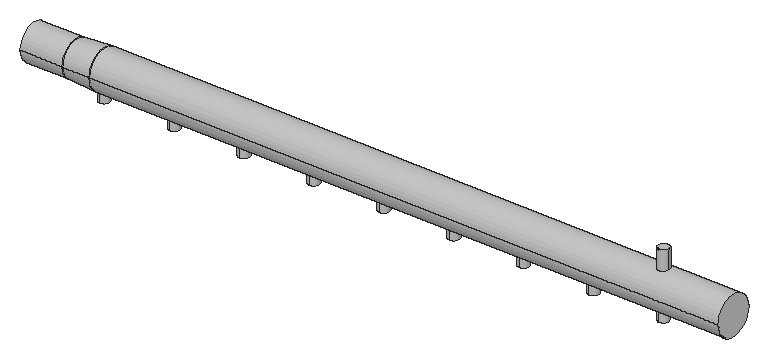
Revit family "BIMLIB_Коллектор_867_9_РОСТерм", category Оборудование, Revit 2017
Family settings
  Размер круглого соединителя = Использовать диаметр
  Тип детали = Нормальный
  На основе рабочей плоскости = Нет
  Всегда вертикально = Да
  При загрузке вырезать с полостями = Нет
  Общий = Нет
  Точка расчета площади = Нет
Parameters (values of type "Коллектор HEIZEN 867 для систем отопления сварной Ду50 на 9 выходов")
  РТ_Шаг = 100 mm
  РТ_l = 100 mm  # constant formula
  РТ_R1 = 27 mm
  РТ_R_низ = РТ_DN_низ / 2  # 7.5 mm
  РТ_DN3 = 15 mm  # constant formula
  Описание = "Коллекторы Heizen изготовлены из высококачественной латуни и нержавеющей стали, что исключает риск протечек. Коллекторы могут быть оснащены различными видами арматуры: ручными балансировочными клапанами,ручными запорными клапанами, термостатическими клапанами, расходомерами, воздухоотводчиками и дренажными кранами."
  РТ_DN_низ = 15 mm  # constant formula
  РТ_DN_бок = 50 mm
  Изготовитель = "РОСТерм"  # constant formula
  URL = "http://rostherm.ru/"
  RT_R2 = РТ_DN_бок / 2  # 25 mm
  BL_Разработано = "support@bimlib.ru"  # constant formula
  BL_Email = "rostherm@bimlib.ru"  # constant formula
  BL_BIM library = "https://bimlib.pro/manufacturer/rosterm/1632/"
  ADSK_Расход жидкости [instance] = 0.0 L/s
  ADSK_Примечание = ""
  ADSK_Позиция = ""
  ADSK_Обозначение = "ГОСТ 12.2.063-2015"  # constant formula
  ADSK_Наименование краткое = "HEIZEN 867 Ду50"
  ADSK_Наименование = "Коллектор HEIZEN 867 для систем отопления сварной Ду50 на 9 выходов"
  ADSK_Материал = BIMLIB_Нержавеющая_сталь_РОСТерм
  ADSK_Масса_Текст = ""
  ADSK_Масса = 0
  ADSK_Марка = "HEIZEN 867"  # constant formula
  ADSK_Код изделия = "867-50-10-09"
  ADSK_Завод-изготовитель = "Heizen"  # constant formula
  ADSK_Единица измерения = "шт."  # constant formula
  ADSK_Версия Revit = "2017"  # constant formula
  ADSK_URL страницы изделия = "http://rostherm.ru/kollektory/"
  ADSK_URL документации изделия = "http://rostherm.ru/"
Types (3, lengths in mm): name | РТ_R1 | РТ_DN_бок | RT_R2 | ADSK_Наименование краткое | ADSK_Наименование | ADSK_Код изделия
  Коллектор HEIZEN 867 для систем отопления сварной Ду50 на 9 выходов | 27 | 50 | 25 | "HEIZEN 867 Ду50" | "Коллектор HEIZEN 867 для систем отопления сварной Ду50 на 9 выходов" | "867-50-10-09"
  Коллектор HEIZEN 867 для систем отопления сварной Ду40 на 9 выходов | 22 | 40 | 20 | "HEIZEN 867 Ду40" | "Коллектор HEIZEN 867 для систем отопления сварной Ду40 на 9 выходов" | "867-40-10-09"
  Коллектор HEIZEN 867 для систем отопления сварной Ду32 на 9 выходов | 18 | 32 | 16 | "HEIZEN 867 Ду32" | "Коллектор HEIZEN 867 для систем отопления сварной Ду32 на 9 выходов" | "867-32-10-09"
Reference planes
  plane 1 "По центру (Вперед/Назад)": y = 0
  plane 2: z = 0
  plane 3 "По центру (Влево/Вправо)": x = 0
  plane 4: x = 100
  plane 5: x = 60
Forms (mm)
  Extrusion 1, solid, material "BIMLIB_Нержавеющая_сталь_РОСТерм" <- "ADSK_Материал", detail levels medium+fine
    sketch origin (65, 0, 0) x (0, 1, 0) y (0, 0, 1)
      loop
        circle (0, 0) r 27
    from 35 to 935
  Sweep 2, solid, material "BIMLIB_Нержавеющая_сталь_РОСТерм" <- "ADSK_Материал", detail levels medium+fine
    path origin (65, 0, 7.5) x (1, 0, 0) y (0, 0, 1)
      loop
        line (35, -7.5) -> (35, -47.5)
    profile origin (100, 0, -20) x (0, -1, 0) y (1, 0, 0)
      loop
        circle (0, 0) r 7.5
  Blend 3, solid, material "BIMLIB_Нержавеющая_сталь_РОСТерм" <- "ADSK_Материал", detail levels medium+fine
    base sketch origin (50, 0, 0) x (0, 1, 0) y (0, 0, 1)
      loop
        circle (0, 0) r 27
    top sketch origin (50, 0, 0) x (0, 1, 0) y (0, 0, 1)
      loop
        circle (0, 0) r 25
    from 50 to 10
  Extrusion 4, solid, material "BIMLIB_Нержавеющая_сталь_РОСТерм" <- "ADSK_Материал", detail levels medium+fine
    sketch origin (50, 0, 0) x (0, 1, 0) y (0, 0, 1)
      loop
        circle (0, 0) r 25
    from -50 to 10
  Sweep 5, solid, material "BIMLIB_Нержавеющая_сталь_РОСТерм" <- "ADSK_Материал", detail levels medium+fine
    path origin (165, 0, 7.5) x (1, 0, 0) y (0, 0, 1)
      loop
        line (35, -7.5) -> (35, -47.5)
    profile origin (200, 0, -20) x (0, -1, 0) y (1, 0, 0)
      loop
        circle (0, 0) r 7.5
  Sweep 6, solid, material "BIMLIB_Нержавеющая_сталь_РОСТерм" <- "ADSK_Материал", detail levels medium+fine
    path origin (265, 0, 7.5) x (1, 0, 0) y (0, 0, 1)
      loop
        line (35, -7.5) -> (35, -47.5)
    profile origin (300, 0, -20) x (0, -1, 0) y (1, 0, 0)
      loop
        circle (0, 0) r 7.5
  Sweep 7, solid, material "BIMLIB_Нержавеющая_сталь_РОСТерм" <- "ADSK_Материал", detail levels medium+fine
    path origin (365, 0, 7.5) x (1, 0, 0) y (0, 0, 1)
      loop
        line (35, -7.5) -> (35, -47.5)
    profile origin (400, 0, -20) x (0, -1, 0) y (1, 0, 0)
      loop
        circle (0, 0) r 7.5
  Sweep 8, solid, material "BIMLIB_Нержавеющая_сталь_РОСТерм" <- "ADSK_Материал", detail levels medium+fine
    path origin (465, 0, 7.5) x (1, 0, 0) y (0, 0, 1)
      loop
        line (35, -7.5) -> (35, -47.5)
    profile origin (500, 0, -20) x (0, -1, 0) y (1, 0, 0)
      loop
        circle (0, 0) r 7.5
  Sweep 9, solid, material "BIMLIB_Нержавеющая_сталь_РОСТерм" <- "ADSK_Материал", detail levels medium+fine
    path origin (565, 0, 7.5) x (1, 0, 0) y (0, 0, 1)
      loop
        line (35, -7.5) -> (35, -47.5)
    profile origin (600, 0, -20) x (0, -1, 0) y (1, 0, 0)
      loop
        circle (0, 0) r 7.5
  Sweep 10, solid, material "BIMLIB_Нержавеющая_сталь_РОСТерм" <- "ADSK_Материал", detail levels medium+fine
    path origin (665, 0, 7.5) x (1, 0, 0) y (0, 0, 1)
      loop
        line (35, -7.5) -> (35, -47.5)
    profile origin (700, 0, -20) x (0, -1, 0) y (1, 0, 0)
      loop
        circle (0, 0) r 7.5
  Sweep 11, solid, material "BIMLIB_Нержавеющая_сталь_РОСТерм" <- "ADSK_Материал", detail levels medium+fine
    path origin (765, 0, 7.5) x (1, 0, 0) y (0, 0, 1)
      loop
        line (35, -7.5) -> (35, -47.5)
    profile origin (800, 0, -20) x (0, -1, 0) y (1, 0, 0)
      loop
        circle (0, 0) r 7.5
  Sweep 12, solid, material "BIMLIB_Нержавеющая_сталь_РОСТерм" <- "ADSK_Материал", detail levels medium+fine
    path origin (865, 0, 7.5) x (1, 0, 0) y (0, 0, 1)
      loop
        line (35, -7.5) -> (35, -47.5)
    profile origin (900, 0, -20) x (0, -1, 0) y (1, 0, 0)
      loop
        circle (0, 0) r 7.5
  Extrusion 13, solid, material "BIMLIB_Нержавеющая_сталь_РОСТерм" <- "ADSK_Материал", detail levels medium+fine
    sketch origin (-199.38, 0, 0) x (1, 0, 0) y (0, 1, 0)
      loop
        circle (1099.815, 0) r 7.5
    from 0 to 52.797
Cuts and joins
  joined: Extrusion 1, Extrusion 13
Lines and regions (mm)
  model lines, detail levels coarse
    curve 1: line (0, 0, 0) -> (1000, 0, 0)
    curve 2: line (100, 0, 0) -> (100, 0, -40)
    curve 3: line (200.436, 0, -40) -> (200.436, 0, 0)
    curve 4: line (300, 0, -40) -> (300, 0, 0)
    curve 5: line (400, 0, -40) -> (400, 0, 0)
    curve 6: line (500.436, 0, -40) -> (500.436, 0, 0)
    curve 7: line (600, 0, -40) -> (600, 0, 0)
    curve 8: line (700, 0, -40) -> (700, 0, 0)
    curve 9: line (800.123, 0, -40) -> (800.123, 0, 0)
    curve 10: line (900.006, 0, -40) -> (900.006, 0, 0)
Dimensions and locks
  "РТ_l": plane 4 to plane 3 "По центру (Влево/Вправо)"
  Sweep 2 sketch curve to Sweep 2 sketch curve = 40 mm
  locked: plane 4 to plane 5 at 40
  Sweep 5 sketch curve to Sweep 5 sketch curve = 40 mm
  Sweep 6 sketch curve to Sweep 6 sketch curve = 40 mm
  Sweep 7 sketch curve to Sweep 7 sketch curve = 40 mm
  Sweep 8 sketch curve to Sweep 8 sketch curve = 40 mm
  Sweep 9 sketch curve to Sweep 9 sketch curve = 40 mm
  Sweep 10 sketch curve to Sweep 10 sketch curve = 40 mm
  Sweep 11 sketch curve to Sweep 11 sketch curve = 40 mm
  Sweep 12 sketch curve to Sweep 12 sketch curve = 40 mm
  "РТ_R1": radius of Extrusion 1 sketch curve
  "РТ_R_низ": radius of Sweep 2 sketch curve
  "РТ_R1": radius of Blend 3 sketch curve
  "RT_R2": radius of Blend 3 sketch curve
  "RT_R2": radius of Extrusion 4 sketch curve
  "РТ_R_низ": radius of Sweep 5 sketch curve
  "РТ_R_низ": radius of Sweep 6 sketch curve
  "РТ_R_низ": radius of Sweep 7 sketch curve
  "РТ_R_низ": radius of Sweep 8 sketch curve
  "РТ_R_низ": radius of Sweep 9 sketch curve
  "РТ_R_низ": radius of Sweep 10 sketch curve
  "РТ_R_низ": radius of Sweep 11 sketch curve
  "РТ_R_низ": radius of Sweep 12 sketch curve
  "РТ_R_низ": radius of Extrusion 13 sketch curve
  aligned and locked: level to plane 2
  aligned and locked: curve 2 to plane 4
  aligned and locked: plane 4 to Sweep 2
  aligned and locked: Blend 3 to plane 5
  aligned and locked: Extrusion 4 to plane 3 "По центру (Влево/Вправо)"
  aligned and locked: Extrusion 4 to Blend 3
Automatic sketch dimensions
  Sweep 2 sketch curve to profile plane = 0 mm
  profile plane to Sweep 2 sketch curve = 0 mm
  Extrusion 1 sketch curve to level = 0 mm
  Extrusion 1 sketch curve to plane 1 "По центру (Вперед/Назад)" = 0 mm
  Blend 3 sketch curve to level = 0 mm  (x2)
  Blend 3 sketch curve to plane 1 "По центру (Вперед/Назад)" = 0 mm  (x2)
  Extrusion 4 sketch curve to level = 0 mm
  Extrusion 4 sketch curve to plane 1 "По центру (Вперед/Назад)" = 0 mm
  Sweep 5 sketch curve to profile plane = 0 mm
  profile plane to Sweep 5 sketch curve = 0 mm
  Sweep 6 sketch curve to profile plane = 0 mm
  profile plane to Sweep 6 sketch curve = 0 mm
  Sweep 7 sketch curve to profile plane = 0 mm
  profile plane to Sweep 7 sketch curve = 0 mm
  Sweep 8 sketch curve to profile plane = 0 mm
  profile plane to Sweep 8 sketch curve = 0 mm
  Sweep 9 sketch curve to profile plane = 0 mm
  profile plane to Sweep 9 sketch curve = 0 mm
  Sweep 10 sketch curve to profile plane = 0 mm
  profile plane to Sweep 10 sketch curve = 0 mm
  Sweep 11 sketch curve to profile plane = 0 mm
  profile plane to Sweep 11 sketch curve = 0 mm
  Sweep 12 sketch curve to profile plane = 0 mm
  profile plane to Sweep 12 sketch curve = 0 mm
  plane 1 "По центру (Вперед/Назад)" to Extrusion 13 sketch curve = 0 mm
  plane 4 to Extrusion 13 sketch curve = 800.436 mm
  curve 1 to level = 0 mm
  curve 1 to plane 3 "По центру (Влево/Вправо)" = 0 mm
  curve 2 to curve 3 = 100.436 mm
  curve 4 to level = 40 mm
  curve 3 to curve 4 = 99.564 mm
  curve 5 to level = 40 mm
  curve 4 to curve 5 = 100 mm
  curve 5 to curve 6 = 100.436 mm
  curve 7 to level = 40 mm
  curve 6 to curve 7 = 99.564 mm
  curve 8 to level = 40 mm
  curve 7 to curve 8 = 100 mm
  curve 9 to level = 40 mm
  curve 8 to curve 9 = 100.123 mm
  curve 9 to curve 10 = 99.883 mm
  curve 10 to curve 1 = 99.994 mm
  curve 10 to curve 10 = 40 mm
  curve 3 to curve 3 = 40 mm
  curve 2 to level = 40 mm
  curve 6 to curve 6 = 40 mm
Connectors
  piping at (100, 0, -40), diameter 15, driven by "РТ_DN_низ", driven by "ADSK_Расход жидкости"
    settings: on Sweep 2, index 3, connector inside diameter 609.6 mm, connector length 0 mm, flow factor 0, pipe flow 0.0 L/s, pressure drop 0.0 Pa, fitting loss kfactor 0, connector angle 0.00°, fixture units 0, engagement length 0 mm, angle of deflection 0.00°, flow configuration 0, flow direction 2, fitting loss method 0, system type 7, joint type 0, gender type 0, connector reference index -1, connector utility 0, adjustable connector no, is connector primary yes, connector description ""
  piping at (0, 0, 0), diameter 50, driven by "ADSK_Расход жидкости", driven by "РТ_DN_бок"
    settings: on Extrusion 4, index 38, connector inside diameter 609.6 mm, connector length 0 mm, flow factor 0, pipe flow 0.0 L/s, pressure drop 0.0 Pa, fitting loss kfactor 0, connector angle 0.00°, fixture units 0, engagement length 0 mm, angle of deflection 0.00°, flow configuration 0, flow direction 1, fitting loss method 0, system type 7, joint type 0, gender type 0, connector reference index -1, connector utility 0, adjustable connector no, is connector primary no, connector description ""
  piping at (200, 0, -40), diameter 15, driven by "РТ_DN_низ", driven by "ADSK_Расход жидкости"
    settings: on Sweep 5, index 39, connector inside diameter 609.6 mm, connector length 0 mm, flow factor 0, pipe flow 0.0 L/s, pressure drop 0.0 Pa, fitting loss kfactor 0, connector angle 0.00°, fixture units 0, engagement length 0 mm, angle of deflection 0.00°, flow configuration 0, flow direction 2, fitting loss method 0, system type 7, joint type 0, gender type 0, connector reference index -1, connector utility 0, adjustable connector no, is connector primary no, connector description ""
  piping at (300, 0, -40), diameter 15, driven by "РТ_DN_низ", driven by "ADSK_Расход жидкости"
    settings: on Sweep 6, index 40, connector inside diameter 609.6 mm, connector length 0 mm, flow factor 0, pipe flow 0.0 L/s, pressure drop 0.0 Pa, fitting loss kfactor 0, connector angle 0.00°, fixture units 0, engagement length 0 mm, angle of deflection 0.00°, flow configuration 0, flow direction 2, fitting loss method 0, system type 7, joint type 0, gender type 0, connector reference index -1, connector utility 0, adjustable connector no, is connector primary no, connector description ""
  piping at (400, 0, -40), diameter 15, driven by "РТ_DN_низ", driven by "ADSK_Расход жидкости"
    settings: on Sweep 7, index 41, connector inside diameter 609.6 mm, connector length 0 mm, flow factor 0, pipe flow 0.0 L/s, pressure drop 0.0 Pa, fitting loss kfactor 0, connector angle 0.00°, fixture units 0, engagement length 0 mm, angle of deflection 0.00°, flow configuration 0, flow direction 2, fitting loss method 0, system type 7, joint type 0, gender type 0, connector reference index -1, connector utility 0, adjustable connector no, is connector primary no, connector description ""
  piping at (500, 0, -40), diameter 15, driven by "РТ_DN_низ", driven by "ADSK_Расход жидкости"
    settings: on Sweep 8, index 42, connector inside diameter 609.6 mm, connector length 0 mm, flow factor 0, pipe flow 0.0 L/s, pressure drop 0.0 Pa, fitting loss kfactor 0, connector angle 0.00°, fixture units 0, engagement length 0 mm, angle of deflection 0.00°, flow configuration 0, flow direction 2, fitting loss method 0, system type 7, joint type 0, gender type 0, connector reference index -1, connector utility 0, adjustable connector no, is connector primary no, connector description ""
  piping at (600, 0, -40), diameter 15, driven by "РТ_DN_низ", driven by "ADSK_Расход жидкости"
    settings: on Sweep 9, index 43, connector inside diameter 609.6 mm, connector length 0 mm, flow factor 0, pipe flow 0.0 L/s, pressure drop 0.0 Pa, fitting loss kfactor 0, connector angle 0.00°, fixture units 0, engagement length 0 mm, angle of deflection 0.00°, flow configuration 0, flow direction 2, fitting loss method 0, system type 7, joint type 0, gender type 0, connector reference index -1, connector utility 0, adjustable connector no, is connector primary no, connector description ""
  piping at (700, 0, -40), diameter 15, driven by "РТ_DN_низ", driven by "ADSK_Расход жидкости"
    settings: on Sweep 10, index 44, connector inside diameter 609.6 mm, connector length 0 mm, flow factor 0, pipe flow 0.0 L/s, pressure drop 0.0 Pa, fitting loss kfactor 0, connector angle 0.00°, fixture units 0, engagement length 0 mm, angle of deflection 0.00°, flow configuration 0, flow direction 2, fitting loss method 0, system type 7, joint type 0, gender type 0, connector reference index -1, connector utility 0, adjustable connector no, is connector primary no, connector description ""
  piping at (800, 0, -40), diameter 15, driven by "РТ_DN_низ", driven by "ADSK_Расход жидкости"
    settings: on Sweep 11, index 45, connector inside diameter 609.6 mm, connector length 0 mm, flow factor 0, pipe flow 0.0 L/s, pressure drop 0.0 Pa, fitting loss kfactor 0, connector angle 0.00°, fixture units 0, engagement length 0 mm, angle of deflection 0.00°, flow configuration 0, flow direction 2, fitting loss method 0, system type 7, joint type 0, gender type 0, connector reference index -1, connector utility 0, adjustable connector no, is connector primary no, connector description ""
  piping at (900, 0, -40), diameter 15, driven by "РТ_DN_низ", driven by "ADSK_Расход жидкости"
    settings: on Sweep 12, index 46, connector inside diameter 609.6 mm, connector length 0 mm, flow factor 0, pipe flow 0.0 L/s, pressure drop 0.0 Pa, fitting loss kfactor 0, connector angle 0.00°, fixture units 0, engagement length 0 mm, angle of deflection 0.00°, flow configuration 0, flow direction 2, fitting loss method 0, system type 7, joint type 0, gender type 0, connector reference index -1, connector utility 0, adjustable connector no, is connector primary no, connector description ""
  piping at (900.436, 0, 52.797), diameter 15, driven by "РТ_DN3", driven by "ADSK_Расход жидкости"
    settings: on cut or joined group of Extrusion 1, Extrusion 13, index 47, connector inside diameter 609.6 mm, connector length 0 mm, flow factor 0, pipe flow 0.0 L/s, pressure drop 0.0 Pa, fitting loss kfactor 0, connector angle 0.00°, fixture units 0, engagement length 0 mm, angle of deflection 0.00°, flow configuration 0, flow direction 0, fitting loss method 0, system type 29, joint type 0, gender type 0, connector reference index -1, connector utility 0, adjustable connector no, is connector primary no, connector description ""
